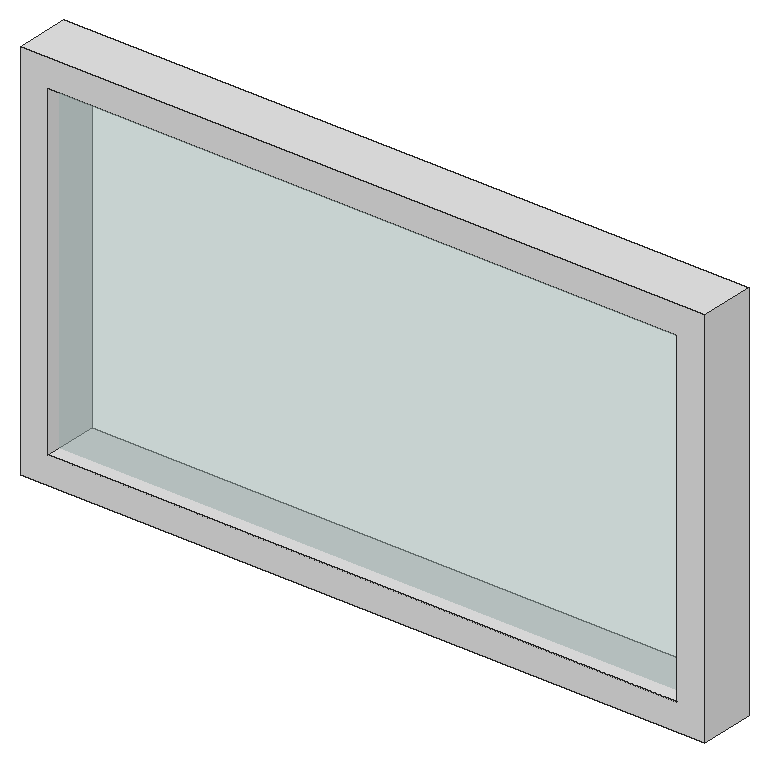
Revit family "CT_Janela_Ext_1Vid", category Windows, host Wall, Revit 2025
Family settings
  Host = Wall
  OmniClass Number = 23.30.20.00
  OmniClass Title = Windows
  Always vertical = Yes
  Cut with Voids When Loaded = No
  Shared = No
  Room Calculation Point = Yes
Parameters (values of type "JAN_FAC_1PA")
  Material_Vidro = CT_Vidros
  Material_Esquadria = CT_Aluminio
  Height [instance] = 0.700 m
  Espess_Esquadria = 0.050 m
  Define Thermal Properties by = Schematic Type
  Default Sill Height = 0.800 m
  Wall Closure = By host
  Width [instance] = 1.250 m
  Analytic Construction = "<None>"
Reference planes (m)
  plane 1 "Center (Front/Back)": y = 0
  plane 2 "Center (Left/Right)": x = 0
  plane 3 "Left": x = -0.625
  plane 4 "Right": x = 0.625
  plane 5 "Sill": z = 0.8
  plane 6 "Head": z = 1.5
  plane 7 "Exterior": y = 0.05
  plane 8 "Interior": y = -0.05
Forms (m)
  Extrusion 1, solid, material "CT_Aluminio" <- "Material_Esquadria"
    sketch origin (0, 0.05, 0) x (1, 0, 0) y (0, 0, 1)
      loop
        line (0.625, 1.5) -> (-0.625, 1.5) -> (-0.625, 0.8) -> (0.625, 0.8) -> (0.625, 1.5)
      loop
        line (0.575, 1.45) -> (-0.575, 1.45) -> (-0.575, 0.85) -> (0.575, 0.85) -> (0.575, 1.45)
    from 0 to 0.1
  Extrusion 2, solid, material "CT_Vidros" <- "Material_Vidro"
    sketch origin (0, 0.05, 0) x (1, 0, 0) y (0, 0, 1)
      loop
        line (0.6, 1.475) -> (-0.6, 1.475) -> (-0.6, 0.825) -> (0.6, 0.825) -> (0.6, 1.475)
    from 0.059773 to 0.074766
Lines and regions (m)
  Opening 1
    outline origin (3.5, -0.05, 0) x (1, 0, 0) y (0, 0, 1)
      loop
        line (-2.875, 0.8) -> (-2.875, 1.5) -> (-4.125, 1.5) -> (-4.125, 0.8) -> (-2.875, 0.8)
Text (m)
  text "EXTERIOR" at (-1.963203, 1.332353, 0), in view "Ref. Level"
  text "INTERIOR" at (-1.981466, -0.818386, 0), in view "Ref. Level"
  text "Exterior" at (0, 0.923751, 2.943296), in view "Right"
  text "Exterior" at (0, 1.040484, 2.685409), in view "Left"
Dimensions and locks (m)
  equal spacing: plane 3 "Left", plane 2 "Center (Left/Right)", plane 4 "Right"
  "Width": plane 3 "Left" to plane 4 "Right"
  "Height": plane 5 "Sill" to plane 6 "Head"
  "Default Sill Height": plane 5 "Sill" to level
  locked: plane 7 "Exterior" to host wall
  locked: plane 8 "Interior" to host wall
  "Espess_Esquadria": Extrusion 1 sketch curve to Extrusion 1 sketch curve  (x4)
  plane 5 "Sill" to Extrusion 1 sketch curve = 0.000 m
  locked: Extrusion 1 to Extrusion 2 at 0.025234
  locked: Extrusion 2 to Extrusion 2 at 0.014993
  Extrusion 1 to Extrusion 1 = 0.100 m
  aligned and locked: Extrusion 1 sketch curve to host wall  (x3)
  aligned and locked: plane 5 "Sill" to Extrusion 1
  aligned and locked: plane 8 "Interior" to Extrusion 1
  aligned and locked: host wall to Extrusion 1  (x2)
Automatic sketch dimensions
  Opening 1 sketch curve to plane 3 "Left" = 0.000 m
  Opening 1 sketch curve to plane 4 "Right" = 0.000 m
  Opening 1 sketch curve to plane 5 "Sill" = 0.000 m
  Opening 1 sketch curve to plane 6 "Head" = 0.000 m
  Extrusion 2 sketch curve to plane 3 "Left" = 0.025 m
  plane 4 "Right" to Extrusion 2 sketch curve = 0.025 m
  Extrusion 2 sketch curve to plane 5 "Sill" = 0.025 m
  plane 6 "Head" to Extrusion 2 sketch curve = 0.025 m
